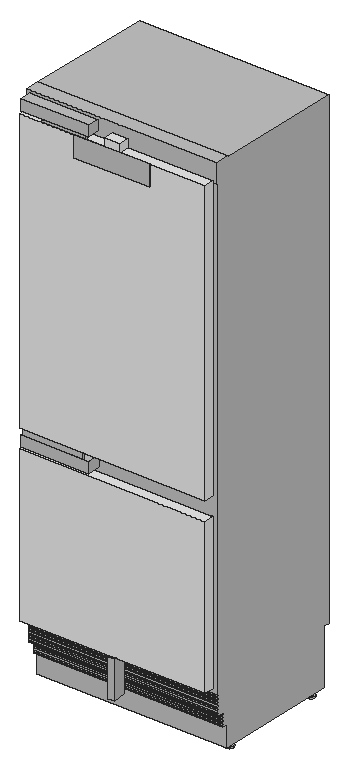
Revit family "FP-Revit18-RS7621WLUK1-FridgeFreezer-0-AS-AU-CN-EU-IE-NZ-SG-UK-90001119A", category Specialty Equipment, Revit 2020
Family settings
  Round Connector Dimension = Use Diameter
  Part Type = Normal
  OmniClass Number = 23.40.40.11.11
  OmniClass Title = Refrigerators and Freezers
  Work Plane-Based = No
  Always vertical = Yes
  Cut with Voids When Loaded = Yes
  Shared = No
  Room Calculation Point = No
Parameters (values of type "RS7621WLUE1")
  Visibility - Visibility Control Note = yes
  Visibility - Clearance Required = yes
  URL = "www.fisherpaykel.com"
  Stainless Steel Door Panels (RD7621WLD) = no
  Product - Width = 756 mm  # constant formula
  Product - Height = 2134 mm  # constant formula
  Product - Depth (exl front panel) = 610 mm  # constant formula
  Model = "RS7621WLUE1"
  Material - Handle = Fisher & Paykel - Aluminium
  Material - Door Structure = Fisher & Paykel - White
  Material - Door Front = Fisher & Paykel - Stainless Steel
  Material - Body = Fisher & Paykel - Grey
  Manufacturer = "Fisher & Paykel Appliances"
  Handle Style - Contemporary Square Fine Black (AHD5RD7621WB) = no
  Handle Style - Contemporary Square Fine (AHD5RD7621W) = no
  Handle Style - Contemporary Square (AHD3RD7621W) = no
  Handle Style - Contemporary Round (AHSRD7621W) = no
  Description = "76cm Integrated Column Freezer with internal Ice & Water"
  Default Elevation = 0 mm
  Connector Description - Water = "1/2 BSP Stainless steel braided hose"
  Connector Description - Electrical = "230 V, 10 amp fused electrical supply"
  Cavity - Width = 762 mm  # constant formula
  Cavity - Height = 2134 mm  # constant formula
  Cavity - Depth = 650 mm  # constant formula
Reference planes
  plane 1 "Datum": y = 0
  plane 2: z = 0
  plane 3 "Center (Left/Right)": x = 0
  plane 4 "Product LHS": x = -378
  plane 5 "Product RHS": x = 378
  plane 6 "Product - Depth": y = 610
  plane 7 "Cavity LHS": x = -381
  plane 8 "Cavity RHS": x = 381
  plane 9 "Cavity - Depth": y = 628
  plane 10 "Handle Offset": x = 315
  plane 11 "Product Height": z = 2134
  plane 12 "Cavity Height": z = 2134
  plane 13 "Door Panel Datum": y = -4.1
Forms (mm)
  Extrusion 1, solid, material "Fisher & Paykel - Grey" <- "Material - Body", detail levels fine
    sketch origin (0, 0, 0) x (0, 1, 0) y (0, 0, 1)
      loop
        line (100.1, 19.1) -> (587.9, 19.1) -> (587.9, 239.7) -> (610, 239.7) -> (610, 2132.3) -> (105.1, 2132.3) -> (105.1, 2134) -> (49.9, 2134) -> (49.9, 2059) -> (56, 2059) -> (56, 228.6) -> (59.5, 228.6) -> (59.5, 219.7) -> (56.5, 219.7) -> (56.5, 215.9) -> (59.5, 215.9) -> (59.5, 207) -> (56.5, 207) -> (56.5, 203.2) -> (59.5, 203.2) -> (59.5, 194.3) -> (56.5, 194.3) -> (56.5, 190.5) -> (59.5, 190.5) -> (59.5, 181.6) -> (56.5, 181.6) -> (56.5, 177.8) -> (59.5, 177.8) -> (59.5, 168.9) -> (56.5, 168.9) -> (56.5, 165.1) -> (59.5, 165.1) -> (59.5, 156.2) -> (56.5, 156.2) -> (56.5, 152.4) -> (84.1, 152.4) -> (84.1, 143.5) -> (81.1, 143.5) -> (81.1, 139.7) -> (84.1, 139.7) -> (84.1, 130.8) -> (81.1, 130.8) -> (81.1, 127) -> (84.1, 127) -> (84.1, 118.1) -> (81.1, 118.1) -> (81.1, 114.3) -> (84.1, 114.3) -> (84.1, 105.4) -> (81.1, 105.4) -> (81.1, 101.6) -> (100.1, 101.6) -> (100.1, 19.1)
    from -378 to 378
  Extrusion 2, solid, material "Fisher & Paykel - Grey" <- "Material - Body"
    sketch origin (0, 0, 0) x (1, 0, 0) y (0, 1, 0)
      loop
        circle (-357.5, 547.8) r 4.1
      loop
        circle (-357.5, 141.8) r 4.1
      loop
        circle (357.5, 547.8) r 4.1
      loop
        circle (357.5, 141.8) r 4.1
    from 3 to 19.1
  Extrusion 3, solid, material "Fisher & Paykel - Grey" <- "Material - Body"
    sketch origin (0, 0, 0) x (1, 0, 0) y (0, 1, 0)
      loop
        circle (-357.5, 547.8) r 14.5
      loop
        circle (-357.5, 141.8) r 14.555
      loop
        circle (357.5, 547.8) r 14.5
      loop
        circle (357.5, 141.8) r 14.555
    from 0 to 3
  Extrusion 4, solid, material "Fisher & Paykel - Grey" <- "Material - Body", detail levels fine
    sketch origin (0, 0, 0) x (1, 0, 0) y (0, 1, 0)
      loop
        line (-7.5, 49) -> (-13.797, -4.1) -> (13.797, -4.1) -> (7.5, 49) -> (-7.5, 49)
    from 104.2 to 253.8
  Extrusion 5, solid, material "Fisher & Paykel - Grey" <- "Material - Body", detail levels fine
    sketch origin (0, 0, 0) x (0, 1, 0) y (0, 0, 1)
      loop
        line (0, 2070.6) -> (0, 1988.6) -> (2, 1988.6) -> (2, 2068.6) -> (4, 2068.6) -> (4, 2070.6) -> (0, 2070.6)
    from -150 to 150
  Extrusion 6, solid, material "Fisher & Paykel - Grey" <- "Material - Body"
    sketch origin (0, 0, 0) x (1, 0, 0) y (0, 0, 1)
      loop
        circle (303, 119.813) r 5
      loop
        circle (-303, 119.813) r 5
    from -590 to -587.9
  Extrusion 7, solid, material "Fisher & Paykel - White" <- "Material - Door Structure"
    sketch origin (0, 0, 0) x (1, 0, 0) y (0, 1, 0)
      loop
        line (-353, 56) -> (-353, 42) -> (353, 42) -> (353, 56) -> (-353, 56)
    from 951.3 to 2030.7
  Extrusion 8, solid, material "Fisher & Paykel - White" <- "Material - Door Structure"
    sketch origin (0, 0, 0) x (1, 0, 0) y (0, 1, 0)
      loop
        line (-369.4, 42) -> (-369.4, 3) -> (369.4, 3) -> (369.4, 42) -> (-369.4, 42)
    from 943.8 to 2068.6
  Extrusion 9, solid, material "Fisher & Paykel - White" <- "Material - Door Structure", detail levels fine
    sketch origin (0, 0, 0) x (1, 0, 0) y (0, 0, 1)
      loop
        line (-29.5, 2100.1) -> (-29.5, 2068.6) -> (29.5, 2068.6) -> (29.5, 2100.1) -> (-29.5, 2100.1)
    from -42 to -3
  Extrusion 10, solid, material "Fisher & Paykel - Stainless Steel" <- "Material - Door Front", visible <- "Stainless Steel Door Panels (RD7621WLD)"
    sketch origin (0, 0, 0) x (0, 1, 0) y (0, 0, 1)
      loop
        line (-22.1, 2130.8) -> (-22.1, 876.3) -> (-4.1, 876.3) -> (-4.1, 2130.8) -> (-22.1, 2130.8)
      loop
        line (-22.1, 102) -> (-4.1, 102) -> (-4.1, 873.1) -> (-22.1, 873.1) -> (-22.1, 102)
    from -378 to 378
  Extrusion 11, solid, material "Fisher & Paykel - Grey" <- "Material - Body", detail levels coarse+medium
    sketch origin (0, 0, 0) x (0, 1, 0) y (0, 0, 1)
      loop
        line (49.9, 2134) -> (49.9, 2059) -> (56, 2059) -> (56, 152.4) -> (81.1, 152.4) -> (81.1, 101.6) -> (100.1, 101.6) -> (100.1, 19.1) -> (587.9, 19.1) -> (587.9, 239.7) -> (610, 239.7) -> (610, 2134) -> (49.9, 2134)
    from -378 to 378
  Extrusion 12, solid, material "Fisher & Paykel - Grey" <- "Material - Body", detail levels fine
    sketch origin (0, 0, 0) x (-1, 0, 0) y (0, 0, -1)
      loop
        line (366.4, -877.25) -> (95.42, -877.25) -> (95.42, -919.35) -> (366.4, -919.35) -> (366.4, -877.25)
    from -56 to -2.5
  Extrusion 13, solid, material "Fisher & Paykel - Grey" <- "Material - Body", detail levels fine
    sketch origin (0, 0, 0) x (-1, 0, 0) y (0, 0, -1)
      loop
        line (366.4, -2123.15) -> (366.4, -2081.05) -> (95.42, -2081.05) -> (95.42, -2123.15) -> (366.4, -2123.15)
    from -49 to -2.5
  Extrusion 14, solid, material "Fisher & Paykel - Grey" <- "Material - Body", detail levels fine
    sketch origin (0, 0, -4) x (0, 1, 0) y (0, 0, 1)
      loop
        arc (163.888, 23.1) -> (180.4, 13.63) -> (196.912, 23.1) r 19.13
        line (196.912, 23.1) -> (163.888, 23.1)
      loop
        arc (493.888, 23.1) -> (510.4, 13.63) -> (526.912, 23.1) r 19.13
        line (526.912, 23.1) -> (493.888, 23.1)
    from 191 to 219
  Extrusion 15, solid, material "Fisher & Paykel - Grey" <- "Material - Body", detail levels fine
    sketch origin (0, 0, -4) x (0, 1, 0) y (0, 0, -1)
      loop
        line (163.888, -23.1) -> (196.912, -23.1)
        arc (196.912, -23.1) -> (180.4, -13.63) -> (163.888, -23.1) r 19.13
      loop
        line (493.888, -23.1) -> (526.912, -23.1)
        arc (526.912, -23.1) -> (510.4, -13.63) -> (493.888, -23.1) r 19.13
    from 191 to 219
  Extrusion 16, solid, material "Fisher & Paykel - Clearance Required", visible <- "Visibility - Clearance Required", detail levels coarse
    sketch origin (0, 0, 0) x (1, 0, 0) y (0, 1, 0)
      loop
        line (-381, 628) -> (-381, -4.1) -> (381, -4.1) -> (381, 628) -> (-381, 628)
    from 0 to 2134
  Extrusion 17, void
    sketch origin (0, 0, 0) x (1, 0, 0) y (0, 1, 0)
      loop
        line (-381, 628) -> (-381, -22.1) -> (381, -22.1) -> (381, 628) -> (-381, 628)
    from 0 to 2134
  Extrusion 18, solid, material "Fisher & Paykel - Grey" <- "Material - Body", detail levels fine
    sketch origin (0, 0, 0) x (-1, 0, 0) y (0, 0, -1)
      loop
        line (118.4, -943.8) -> (359.4, -943.8) -> (359.4, -919.35) -> (118.4, -919.35) -> (118.4, -943.8)
      loop
        line (106, -2081.05) -> (242.9, -2081.05) -> (282.9, -2076.05) -> (282.9, -2068.6) -> (106, -2068.6) -> (106, -2081.05)
    from -7 to -4
  Extrusion 19, solid, material "Fisher & Paykel - White" <- "Material - Door Structure"
    sketch origin (0, 0, 0) x (1, 0, 0) y (0, 1, 0)
      loop
        line (-369.4, 42) -> (-369.4, 3) -> (369.4, 3) -> (369.4, 42) -> (-369.4, 42)
    from 253.8 to 868.15
  Extrusion 20, solid, material "Fisher & Paykel - White" <- "Material - Door Structure"
    sketch origin (0, 0, 0) x (1, 0, 0) y (0, 1, 0)
      loop
        line (-353, 56) -> (-353, 42) -> (353, 42) -> (353, 56) -> (-353, 56)
    from 269.2 to 858.13
  Extrusion 21, solid, material "Fisher & Paykel - Clearance Required", visible <- "Visibility - Clearance Required", detail levels coarse
    sketch origin (0, 0, 0) x (0, 1, 0) y (0, 0, 1)
      loop
        line (-422.1, 873.1) -> (-422.1, 818.896) -> (-482.1, 818.896) -> (-482.1, 781.896) -> (-422.1, 781.896) -> (-422.1, 101.6) -> (-22.1, 101.6) -> (-22.1, 873.1) -> (-422.1, 873.1)
    from -381 to 381
  Extrusion 22, solid, material "Fisher & Paykel - Clearance Required", visible <- "Visibility - Clearance Required", detail levels coarse
    sketch origin (0, -0.697, 0) x (-1, 0, 0) y (0, -1, 0)
      loop
        line (301.5, 21.303) -> (378, 21.303)
        arc (378, 21.303) -> (380.992, 56.277) -> (415.915, 59.819) r 27.5
        line (415.915, 59.819) -> (697.006, 664.598) -> (723.252, 652.4)
        arc (723.252, 652.4) -> (747.815, 661.339) -> (738.875, 685.902) r 18.483
        line (738.875, 685.902) -> (712.602, 698.153) -> (734.604, 745.493)
        arc (734.604, 745.493) -> (-22.015, 691.154) -> (-378, 21.303) r 783.517
        line (-378, 21.303) -> (301.5, 21.303)
    from 876.3 to 2134
Lines and regions (mm)
  model lines, style "Fisher & Paykel"
    curve 1: line (-378, -4.1, 2130.8) -> (378, -4.1, 2130.8)
    curve 2: line (-378, -4.1, 876.3) -> (-378, -4.1, 2130.8)
    curve 3: line (378, -4.1, 876.3) -> (-378, -4.1, 876.3)
    curve 4: line (378, -4.1, 2130.8) -> (378, -4.1, 876.3)
    curve 5: line (378, -4.1, 873.1) -> (-378, -4.1, 873.1)
    curve 6: line (378, -4.1, 102) -> (378, -4.1, 873.1)
    curve 7: line (-378, -4.1, 102) -> (378, -4.1, 102)
    curve 8: line (-378, -4.1, 873.1) -> (-378, -4.1, 102)
Text (mm)
  text "Due to ongoing product development, product details are subject to change without notice. \nPlease always refer to www.fisherpaykel.com for the most current product information. \n© Fisher & Paykel 2020" at (41.04, -878.295, 0), in view "Ref. Level (Plan)"
Dimensions and locks
  equal spacing: plane 4 "Product LHS", plane 3 "Center (Left/Right)", plane 5 "Product RHS"
  "Product - Width": plane 4 "Product LHS" to plane 5 "Product RHS"
  "Product - Depth (exl front panel)": plane 1 "Datum" to plane 6 "Product - Depth"
  equal spacing: plane 7 "Cavity LHS", plane 3 "Center (Left/Right)", plane 8 "Cavity RHS"
  "Cavity - Width": plane 7 "Cavity LHS" to plane 8 "Cavity RHS"
  plane 4 "Product LHS" to Extrusion 2 sketch curve = 24.6 mm
  plane 4 "Product LHS" to plane 10 "Handle Offset" = 693 mm
  Extrusion 6 sketch curve to Extrusion 1 = 119.887 mm  (x2)
  Extrusion 6 sketch curve to plane 5 "Product RHS" = 75 mm
  plane 4 "Product LHS" to Extrusion 6 sketch curve = 75 mm
  Extrusion 1 sketch curve to Extrusion 1 sketch curve = 82.5 mm
  Extrusion 1 sketch curve to Extrusion 1 sketch curve = 209.5 mm
  Extrusion 1 sketch curve to Extrusion 1 sketch curve = 220.6 mm
  Extrusion 3 to level = 3 mm
  Extrusion 11 to Extrusion 8 = 924.7 mm
  Extrusion 11 to Extrusion 7 = 932.2 mm
  Extrusion 11 to Extrusion 11 = 2114.9 mm
  Extrusion 11 to Extrusion 10 = 82.9 mm
  "Product - Height": level to plane 11 "Product Height"
  plane 11 "Product Height" to Extrusion 10 = 3.2 mm
  Extrusion 8 to plane 11 "Product Height" = 65.4 mm
  Extrusion 7 to plane 11 "Product Height" = 103.3 mm
  Extrusion 11 sketch curve to plane 11 "Product Height" = 75 mm
  Extrusion 1 sketch curve to plane 11 "Product Height" = 1.7 mm
  Extrusion 1 sketch curve to plane 11 "Product Height" = 75 mm
  "Cavity - Height": plane 12 "Cavity Height" to level
  plane 1 "Datum" to Extrusion 16 = 628 mm
  plane 1 "Datum" to Extrusion 17 = 628 mm
  Extrusion 18 sketch curve to Extrusion 18 sketch curve = 40 mm
  Extrusion 18 sketch curve to Extrusion 18 sketch curve = 176.9 mm
  plane 3 "Center (Left/Right)" to Extrusion 18 sketch curve = 106 mm
  plane 3 "Center (Left/Right)" to Extrusion 18 sketch curve = 118.4 mm
  Extrusion 17 to level = 2134 mm
  Extrusion 1 to Extrusion 12 sketch curve = 282.58 mm
  Extrusion 1 to Extrusion 13 sketch curve = 282.58 mm
  "Cavity - Depth": Extrusion 17 to Extrusion 22
  Extrusion 22 to plane 1 "Datum" = 22 mm
  radius of Extrusion 6 sketch curve = 5 mm
  aligned and locked: level to plane 2
  aligned and locked: Extrusion 10 to plane 5 "Product RHS"
  aligned and locked: plane 4 "Product LHS" to Extrusion 10
  aligned and locked: Extrusion 11 to plane 5 "Product RHS"
  aligned and locked: Extrusion 11 to plane 4 "Product LHS"
  aligned and locked: Extrusion 11 sketch curve to plane 11 "Product Height"
  aligned and locked: plane 11 "Product Height" to Extrusion 1 sketch curve
  aligned and locked: Extrusion 14 sketch curve to Extrusion 14 sketch curve
  aligned and locked: Extrusion 15 sketch curve to Extrusion 15 sketch curve
  aligned and locked: Extrusion 1 to plane 5 "Product RHS"
  aligned and locked: plane 4 "Product LHS" to Extrusion 1
  aligned and locked: nested 2 to plane 10 "Handle Offset"
  aligned and locked: nested 3 to plane 10 "Handle Offset"
  aligned and locked: nested 4 to plane 10 "Handle Offset"
  aligned and locked: nested 5 to plane 10 "Handle Offset"
Automatic sketch dimensions
  Extrusion 1 sketch curve to plane 6 "Product - Depth" = 0 mm
  Extrusion 1 sketch curve to Extrusion 1 sketch curve = 22.1 mm
  Extrusion 1 sketch curve to plane 1 "Datum" = 105.1 mm
  level to Extrusion 1 sketch curve = 19.1 mm
  Extrusion 1 sketch curve to plane 1 "Datum" = 100.1 mm
  Extrusion 1 sketch curve to Extrusion 1 sketch curve = 16 mm
  Extrusion 1 sketch curve to Extrusion 1 sketch curve = 0 mm  (x8)
  Extrusion 1 sketch curve to Extrusion 1 sketch curve = 3 mm  (x10)
  Extrusion 1 sketch curve to plane 1 "Datum" = 59.5 mm
  Extrusion 1 sketch curve to plane 1 "Datum" = 56 mm
  Extrusion 1 sketch curve to plane 1 "Datum" = 49.9 mm
  Extrusion 1 sketch curve to Extrusion 1 sketch curve = 3.8 mm  (x10)
  Extrusion 1 sketch curve to Extrusion 1 sketch curve = 8.9 mm  (x9)
  Extrusion 2 sketch curve to plane 4 "Product LHS" = 20.5 mm  (x2)
  plane 5 "Product RHS" to Extrusion 2 sketch curve = 20.5 mm  (x2)
  Extrusion 2 sketch curve to plane 1 "Datum" = 141.8 mm  (x2)
  Extrusion 2 sketch curve to plane 6 "Product - Depth" = 62.2 mm  (x2)
  Extrusion 3 sketch curve to plane 4 "Product LHS" = 20.5 mm  (x2)
  plane 5 "Product RHS" to Extrusion 3 sketch curve = 20.5 mm  (x2)
  Extrusion 3 sketch curve to plane 1 "Datum" = 141.8 mm  (x2)
  Extrusion 3 sketch curve to plane 6 "Product - Depth" = 62.2 mm  (x2)
  plane 1 "Datum" to Extrusion 4 sketch curve = 4.1 mm
  Extrusion 4 sketch curve to plane 3 "Center (Left/Right)" = 13.797 mm
  Extrusion 4 sketch curve to plane 3 "Center (Left/Right)" = 7.5 mm
  plane 3 "Center (Left/Right)" to Extrusion 4 sketch curve = 7.5 mm
  plane 3 "Center (Left/Right)" to Extrusion 4 sketch curve = 13.797 mm
  Extrusion 4 sketch curve to plane 1 "Datum" = 49 mm
  Extrusion 5 sketch curve to plane 1 "Datum" = 0 mm
  Extrusion 5 sketch curve to plane 1 "Datum" = 2 mm
  Extrusion 5 sketch curve to Extrusion 5 sketch curve = 2 mm  (x2)
  plane 11 "Product Height" to Extrusion 5 sketch curve = 145.4 mm
  plane 11 "Product Height" to Extrusion 5 sketch curve = 65.4 mm
  Extrusion 7 sketch curve to plane 4 "Product LHS" = 25 mm
  plane 5 "Product RHS" to Extrusion 7 sketch curve = 25 mm
  Extrusion 7 sketch curve to plane 1 "Datum" = 42 mm
  Extrusion 7 sketch curve to Extrusion 7 sketch curve = 14 mm
  Extrusion 8 sketch curve to plane 1 "Datum" = 3 mm
  Extrusion 8 sketch curve to plane 4 "Product LHS" = 8.6 mm
  plane 5 "Product RHS" to Extrusion 8 sketch curve = 8.6 mm
  Extrusion 8 sketch curve to Extrusion 8 sketch curve = 39 mm
  Extrusion 9 sketch curve to plane 3 "Center (Left/Right)" = 29.5 mm
  plane 3 "Center (Left/Right)" to Extrusion 9 sketch curve = 29.5 mm
  plane 11 "Product Height" to Extrusion 9 sketch curve = 65.4 mm
  Extrusion 9 sketch curve to Extrusion 9 sketch curve = 31.5 mm
  Extrusion 11 sketch curve to plane 6 "Product - Depth" = 0 mm
  Extrusion 11 sketch curve to plane 6 "Product - Depth" = 22.1 mm
  Extrusion 11 sketch curve to plane 1 "Datum" = 100.1 mm
  Extrusion 11 sketch curve to Extrusion 11 sketch curve = 19 mm
  Extrusion 11 sketch curve to plane 1 "Datum" = 56 mm
  Extrusion 11 sketch curve to plane 1 "Datum" = 49.9 mm
  level to Extrusion 11 sketch curve = 239.7 mm
  level to Extrusion 11 sketch curve = 152.4 mm
  Extrusion 11 sketch curve to Extrusion 11 sketch curve = 50.8 mm
  level to Extrusion 11 sketch curve = 19.1 mm
  plane 4 "Product LHS" to Extrusion 12 sketch curve = 11.6 mm
  Extrusion 12 sketch curve to level = 877.25 mm
  Extrusion 12 sketch curve to Extrusion 12 sketch curve = 42.1 mm
  plane 4 "Product LHS" to Extrusion 13 sketch curve = 11.6 mm
  Extrusion 13 sketch curve to plane 11 "Product Height" = 52.95 mm
  Extrusion 13 sketch curve to plane 11 "Product Height" = 10.85 mm
  level to Extrusion 14 sketch curve = 19.1 mm
  Extrusion 14 sketch curve to plane 1 "Datum" = 163.888 mm
  Extrusion 14 sketch curve to Extrusion 14 sketch curve = 16.512 mm  (x2)
  Extrusion 14 sketch curve to plane 6 "Product - Depth" = 116.112 mm
  Extrusion 14 sketch curve to Extrusion 14 sketch curve = 9.66 mm  (x2)
  level to Extrusion 15 sketch curve = 19.1 mm
  Extrusion 15 sketch curve to plane 1 "Datum" = 163.888 mm
  Extrusion 15 sketch curve to Extrusion 15 sketch curve = 16.512 mm  (x2)
  Extrusion 15 sketch curve to plane 6 "Product - Depth" = 116.112 mm
  Extrusion 15 sketch curve to Extrusion 15 sketch curve = 9.66 mm  (x2)
  Extrusion 16 sketch curve to plane 7 "Cavity LHS" = 0 mm
  Extrusion 16 sketch curve to plane 8 "Cavity RHS" = 0 mm
  Extrusion 16 sketch curve to plane 9 "Cavity - Depth" = 0 mm
  plane 1 "Datum" to Extrusion 16 sketch curve = 4.1 mm
  Extrusion 17 sketch curve to plane 7 "Cavity LHS" = 0 mm
  Extrusion 17 sketch curve to plane 8 "Cavity RHS" = 0 mm
  plane 9 "Cavity - Depth" to Extrusion 17 sketch curve = 0 mm
  plane 1 "Datum" to Extrusion 17 sketch curve = 22.1 mm
  plane 4 "Product LHS" to Extrusion 18 sketch curve = 18.6 mm
  Extrusion 18 sketch curve to level = 919.35 mm
  Extrusion 18 sketch curve to Extrusion 18 sketch curve = 24.45 mm
  Extrusion 18 sketch curve to plane 11 "Product Height" = 65.4 mm
  Extrusion 18 sketch curve to Extrusion 18 sketch curve = 7.45 mm
  Extrusion 18 sketch curve to Extrusion 18 sketch curve = 5 mm
  Extrusion 19 sketch curve to plane 1 "Datum" = 3 mm
  Extrusion 19 sketch curve to plane 4 "Product LHS" = 8.6 mm
  plane 5 "Product RHS" to Extrusion 19 sketch curve = 8.6 mm
  Extrusion 19 sketch curve to Extrusion 19 sketch curve = 39 mm
  Extrusion 20 sketch curve to plane 4 "Product LHS" = 25 mm
  plane 5 "Product RHS" to Extrusion 20 sketch curve = 25 mm
  Extrusion 20 sketch curve to plane 1 "Datum" = 42 mm
  Extrusion 20 sketch curve to Extrusion 20 sketch curve = 14 mm
  plane 1 "Datum" to Extrusion 21 sketch curve = 482.1 mm
  Extrusion 21 sketch curve to Extrusion 21 sketch curve = 60 mm
  Extrusion 21 sketch curve to Extrusion 21 sketch curve = 0 mm
  plane 1 "Datum" to Extrusion 21 sketch curve = 22.1 mm
  level to Extrusion 21 sketch curve = 101.6 mm
  Extrusion 21 sketch curve to Extrusion 21 sketch curve = 680.296 mm
  Extrusion 21 sketch curve to Extrusion 21 sketch curve = 37 mm
  Extrusion 21 sketch curve to Extrusion 21 sketch curve = 54.204 mm
  Extrusion 22 sketch curve to plane 5 "Product RHS" = 0 mm
  Extrusion 22 sketch curve to plane 1 "Datum" = 22 mm
  plane 4 "Product LHS" to Extrusion 22 sketch curve = 76.5 mm
  plane 4 "Product LHS" to Extrusion 22 sketch curve = 0 mm
  Extrusion 22 sketch curve to plane 7 "Cavity LHS" = 19.59 mm
  Extrusion 22 sketch curve to Extrusion 22 sketch curve = 4.816 mm
  Extrusion 22 sketch curve to Extrusion 22 sketch curve = 10.509 mm
  Extrusion 22 sketch curve to plane 7 "Cavity LHS" = 316.006 mm
  Extrusion 22 sketch curve to Extrusion 22 sketch curve = 15.596 mm
  Extrusion 22 sketch curve to Extrusion 22 sketch curve = 26.246 mm
  Extrusion 22 sketch curve to Extrusion 22 sketch curve = 7.811 mm  (x2)
  Extrusion 22 sketch curve to Extrusion 22 sketch curve = 22.003 mm
  Extrusion 22 sketch curve to Extrusion 22 sketch curve = 13.185 mm
  Extrusion 22 sketch curve to Extrusion 22 sketch curve = 2.497 mm
  Extrusion 22 sketch curve to Extrusion 22 sketch curve = 93.093 mm
  Extrusion 22 sketch curve to Extrusion 22 sketch curve = 16.751 mm
  Extrusion 22 sketch curve to Extrusion 22 sketch curve = 12.251 mm
  plane 11 "Product Height" to Extrusion 10 sketch curve = 3.2 mm
  plane 1 "Datum" to Extrusion 10 sketch curve = 22.1 mm
  plane 1 "Datum" to Extrusion 10 sketch curve = 4.1 mm  (x2)
  level to Extrusion 10 sketch curve = 102 mm
  Extrusion 10 sketch curve to Extrusion 10 sketch curve = 774.3 mm
  Extrusion 10 sketch curve to Extrusion 10 sketch curve = 3.2 mm
  Extrusion 10 sketch curve to Extrusion 10 sketch curve = 18 mm
  plane 5 "Product RHS" to curve 5 = 0 mm
  plane 5 "Product RHS" to curve 1 = 0 mm
  plane 4 "Product LHS" to curve 5 = 0 mm
  plane 4 "Product LHS" to curve 2 = 0 mm
  level to curve 6 = 102 mm
  curve 6 to curve 6 = 771.1 mm
  curve 5 to curve 2 = 3.2 mm
  plane 11 "Product Height" to curve 2 = 3.2 mm
  radius of Extrusion 2 sketch curve = 4.1 mm  (x3)
  radius of Extrusion 3 sketch curve = 14.5 mm  (x2)
  radius of Extrusion 3 sketch curve = 14.555 mm  (x2)
  radius of Extrusion 6 sketch curve = 5 mm
Nested families
  nested 1: "Visibility Control Note 18" at (0, 0, 0), visible <- "Visibility - Visibility Control Note", type "Visibility Control Note 18"
  nested 2: "Handle Contemporary Round - Vertical" at (315, -22.1, 1322.58), visible <- "Handle Style - Contemporary Round (AHSRD7621W)", type "AHSRD7621W - Contemporary round handle (1 of 2) (Vertical) 727mm"
  nested 3: "Handle Contemporary Square - Vertical" at (315, -22.1, 1322.58), visible <- "Handle Style - Contemporary Square (AHD3RD7621W)", type "AHD3RD7621W - Contemporary square handle (1 of 2) (Vertical) 727mm"
  nested 4: "F&P Handle Kit - Contemporary Square Fine - Vertical" at (315, -22.1, 1322.58), visible <- "Handle Style - Contemporary Square Fine Black (AHD5RD7621WB)", type "AHD5RD7621WB - Contemporary square fine black handle (1 of 2) (Vertical) 727mm"
  nested 5: "F&P Handle Kit - Contemporary Square Fine - Vertical" at (315, -22.1, 1322.58), visible <- "Handle Style - Contemporary Square Fine (AHD5RD7621W)", type "AHD5RD7621W - Contemporary square fine handle (1 of 2) (Vertical) 727mm"
  nested 6: "Handle Contemporary Round - Horizontal" at (0, -22.1, 800.364), visible <- "Handle Style - Contemporary Round (AHSRD7621W)", type "AHSRD7621W - Contemporary round handle (2 of 2) (Horizontal) 646mm"
  nested 7: "Handle Contemporary Square - Horizontal" at (0, -22.1, 800.364), visible <- "Handle Style - Contemporary Square (AHD3RD7621W)", type "AHD3RD7621W - Contemporary square handle (2 of 2) (Horizontal) 646mm"
  nested 8: "F&P Handle Kit - Contemporary Square Fine - Horizontal" at (0, -22.1, 800.364), visible <- "Handle Style - Contemporary Square Fine Black (AHD5RD7621WB)", type "AHD5RD7621WB - Contemporary square fine handle black (2 of 2) (Horizontal) 646mm"
  nested 9: "F&P Handle Kit - Contemporary Square Fine - Horizontal" at (0, -22.1, 800.364), visible <- "Handle Style - Contemporary Square Fine (AHD5RD7621W)", type "AHD5RD7621W - Contemporary square fine handle (2 of 2) (Horizontal) 646mm"
Connectors
  electrical at (-303, 590, 119.813), driven by "Connector Description - Electrical"
    settings: on Extrusion 6, index 1, voltage 230 V, apparent load 0 VA, apparent load phase1 0 VA, apparent load phase2 0 VA, apparent load phase3 0 VA, power factor 1, load classification "Other", number of poles 1, system type 30, power factor state 1, is connector primary yes, connector utility no, sub classification motor no, connector description "230 V, 10 amp fused electrical supply"
  piping at (303, 590, 119.813), diameter 12.7, driven by "Connector Description - Water"
    settings: on Extrusion 6, index 2, connector inside diameter 609.6 mm, connector length 0 mm, flow factor 0, pipe flow 0.0 L/s, pressure drop 0.0 Pa, fitting loss kfactor 0, connector angle 0.00°, fixture units 0, engagement length 0 mm, angle of deflection 0.00°, flow configuration 0, flow direction 1, fitting loss method 0, system type 20, joint type 0, gender type 0, connector reference index -1, connector utility 1, adjustable connector no, is connector primary yes, connector description "1/2 BSP Stainless steel braided hose"
Definition of nested family "Handle Contemporary Round - Vertical"
  Parameters (values of type "AHSRD7621W - Contemporary round handle (1 of 2) (Vertical) 727mm")
    URL = "www.fisherpaykel.com"
    Material - Handle = none
    Manufacturer = "Fisher & Paykel Appliances"
    Handle - Length = 727 mm
    Default Elevation = 0 mm
  Types (8, lengths in mm): name | Handle - Length
    AHS-RD21 - Contemporary round handle (Vertical) 852mm | 852
    AHSRD2484W - Contemporary round handle (1 of 2) (Vertical) 727mm | 727
    AHSRD3084W - Contemporary round handle (1 of 2) (Vertical) 727mm | 727
    AHS-RD84 - Contemporary round handle (Vertical) 852mm | 852
    AHSRS3272A - Contemporary round handle (1 of 2) (Vertical) 727mm | 727
    AHSRS80A - Contemporary round handle (1 of 2) (Vertical) 727mm | 727
    AHSRD6121W - Contemporary round handle (1 of 2) (Vertical) 727mm | 727
    AHSRD7621W - Contemporary round handle (1 of 2) (Vertical) 727mm | 727
  Reference planes
    plane 1 "Center (Front/Back)": y = 0
    plane 2: z = 0
    plane 3 "Center (Left/Right)": x = 0
    plane 4 "Top": z = 363.5
    plane 5 "Bottom": z = -363.5
    plane 6 "Top Standoff": z = 243.5
    plane 7 "Bottom Standoff": z = -243.5
  Forms (mm)
    Extrusion 1, solid, material <- "Material - Handle"
      sketch origin (0, 0, 0) x (1, 0, 0) y (0, 1, 0)
        loop
          circle (0, -32.3) r 8.7
      from -243.5 to 243.5
    Extrusion 2, solid, material <- "Material - Handle", detail levels fine
      sketch origin (0, 0, 0) x (1, 0, 0) y (0, 1, 0)
        loop
          line (-8.7, 0) -> (-8.7, -32.3)
          arc (-8.7, -32.3) -> (0, -41) -> (8.7, -32.3) r 8.7
          line (8.7, -32.3) -> (8.7, 0) -> (-8.7, 0)
      from 243.5 to 363.5
    Extrusion 3, solid, material <- "Material - Handle", detail levels fine
      sketch origin (0, 0, 0) x (1, 0, 0) y (0, 1, 0)
        loop
          line (-8.7, 0) -> (-8.7, -32.3)
          arc (-8.7, -32.3) -> (0, -41) -> (8.7, -32.3) r 8.7
          line (8.7, -32.3) -> (8.7, 0) -> (-8.7, 0)
      from -363.5 to -243.5
    Sweep 4, void
      path in 3D
        loop
          line (8.7, 0, -363.5) -> (8.7, -32.3, -363.5)
          arc (8.7, -32.3, -363.5) -> (0, -41, -363.5) -> (-8.7, -32.3, -363.5) r 8.7
          line (-8.7, -32.3, -363.5) -> (-8.7, 0, -363.5)
      profile origin (8.7, -16.15, -363.5) x (-1, 0, 0) y (0, 0, -1)
        loop
          line (0, 0) -> (0, -1) -> (1, 0) -> (0, 0)
    Sweep 5, void
      path in 3D
        loop
          line (-8.7, 0, 363.5) -> (-8.7, -32.3, 363.5)
          arc (-8.7, -32.3, 363.5) -> (0, -41, 363.5) -> (8.7, -32.3, 363.5) r 8.7
          line (8.7, -32.3, 363.5) -> (8.7, 0, 363.5)
      profile origin (8.7, -16.15, 363.5) x (-1, 0, 0) y (0, 0, 1)
        loop
          line (0, 0) -> (0, -1) -> (1, 0) -> (0, 0)
    Extrusion 6, solid, material <- "Material - Handle", detail levels coarse+medium
      sketch origin (0, 0, 0) x (1, 0, 0) y (0, 1, 0)
        loop
          line (-8.7, 0) -> (-8.7, -32.3)
          arc (-8.7, -32.3) -> (0, -41) -> (8.7, -32.3) r 8.7
          line (8.7, -32.3) -> (8.7, 0) -> (-8.7, 0)
      from 243.5 to 363.5
    Extrusion 7, solid, material <- "Material - Handle", detail levels coarse+medium
      sketch origin (0, 0, 0) x (1, 0, 0) y (0, 1, 0)
        loop
          line (-8.7, 0) -> (-8.7, -32.3)
          arc (-8.7, -32.3) -> (0, -41) -> (8.7, -32.3) r 8.7
          line (8.7, -32.3) -> (8.7, 0) -> (-8.7, 0)
      from -363.5 to -243.5
  Cuts and joins
    Sweep 4 cuts Extrusion 3
    Sweep 5 cuts Extrusion 2
  Lines and regions (mm)
    sketch lines
      curve 1: line (8.7, 0, -363.5) -> (8.7, -32.3, -363.5)
      curve 2: arc (-8.7, -32.3, -363.5) -> (0, -41, -363.5) -> (8.7, -32.3, -363.5) r 8.7
      curve 3: line (-8.7, -32.3, -363.5) -> (-8.7, 0, -363.5)
      curve 4: line (8.7, -32.3, 363.5) -> (8.7, 0, 363.5)
      curve 5: arc (8.7, -32.3, 363.5) -> (0, -41, 363.5) -> (-8.7, -32.3, 363.5) r 8.7
      curve 6: line (-8.7, 0, 363.5) -> (-8.7, -32.3, 363.5)
  Dimensions and locks
    equal spacing: plane 4 "Top", level, plane 5 "Bottom"
    "Handle - Length": plane 4 "Top" to plane 5 "Bottom"
    locked: plane 4 "Top" to plane 6 "Top Standoff" at 120
    locked: plane 7 "Bottom Standoff" to plane 5 "Bottom" at 120
    Extrusion 2 sketch curve to Extrusion 2 sketch curve = 17.4 mm
    Extrusion 3 sketch curve to Extrusion 3 sketch curve = 17.4 mm
    Extrusion 6 sketch curve to Extrusion 6 sketch curve = 17.4 mm
    Extrusion 7 sketch curve to Extrusion 7 sketch curve = 17.4 mm
    aligned and locked: level to plane 2
    aligned and locked: plane 4 "Top" to Extrusion 2
    aligned and locked: Extrusion 3 to plane 5 "Bottom"
    aligned and locked: plane 7 "Bottom Standoff" to Extrusion 3
    aligned and locked: Extrusion 1 to plane 7 "Bottom Standoff"
    aligned and locked: plane 6 "Top Standoff" to Extrusion 1
    aligned and locked: Extrusion 2 to Extrusion 1
    aligned and locked: Extrusion 6 to Extrusion 1
    aligned and locked: plane 4 "Top" to Extrusion 6
    aligned and locked: Extrusion 7 to Extrusion 1
    aligned and locked: Extrusion 7 to plane 5 "Bottom"
  Automatic sketch dimensions
    Extrusion 1 sketch curve to plane 3 "Center (Left/Right)" = 0 mm
    plane 1 "Center (Front/Back)" to Extrusion 1 sketch curve = 32.3 mm
    plane 1 "Center (Front/Back)" to Extrusion 2 sketch curve = 0 mm
    Extrusion 2 sketch curve to plane 3 "Center (Left/Right)" = 0 mm
    Extrusion 2 sketch curve to plane 3 "Center (Left/Right)" = 8.7 mm
    plane 1 "Center (Front/Back)" to Extrusion 2 sketch curve = 32.3 mm
    plane 1 "Center (Front/Back)" to Extrusion 3 sketch curve = 0 mm
    Extrusion 3 sketch curve to plane 3 "Center (Left/Right)" = 0 mm
    Extrusion 3 sketch curve to plane 3 "Center (Left/Right)" = 8.7 mm
    plane 1 "Center (Front/Back)" to Extrusion 3 sketch curve = 32.3 mm
    Sweep 4 sketch curve to profile plane = 0 mm  (x2)
    Sweep 4 sketch curve to profile plane = 1 mm  (x2)
    Sweep 5 sketch curve to profile plane = 0 mm  (x2)
    Sweep 5 sketch curve to profile plane = 1 mm  (x2)
    Extrusion 6 sketch curve to plane 3 "Center (Left/Right)" = 0 mm
    Extrusion 6 sketch curve to plane 3 "Center (Left/Right)" = 8.7 mm
    plane 1 "Center (Front/Back)" to Extrusion 6 sketch curve = 32.3 mm
    Extrusion 6 sketch curve to Extrusion 6 sketch curve = 32.3 mm
    Extrusion 7 sketch curve to plane 3 "Center (Left/Right)" = 0 mm
    Extrusion 7 sketch curve to plane 3 "Center (Left/Right)" = 8.7 mm
    plane 1 "Center (Front/Back)" to Extrusion 7 sketch curve = 32.3 mm
    Extrusion 7 sketch curve to Extrusion 7 sketch curve = 32.3 mm
    radius of Extrusion 1 sketch curve = 8.7 mm
Definition of nested family "Handle Contemporary Square - Vertical"
  Parameters (values of type "AHD3RD6121W - Contemporary square handle (1 of 2) (Vertical) 727mm")
    URL = "www.fisherpaykel.com"
    Material - Handle = none
    Manufacturer = "Fisher & Paykel Appliances"
    Handle - Length = 727 mm
    Default Elevation = 0 mm
  Types (9, lengths in mm): name | Handle - Length
    (no name) | 727
    AHD3-RD21 - Contemporary square handle (Vertical) 852mm | 852
    AHD3RD2484W - Contemporary square handle (1 of 2) (Vertical) 727mm | 727
    AHD3RD3084W - Contemporary square handle (1 of 2) (Vertical) 727mm | 727
    AHD3-RD84 - Contemporary square handle (Vertical) 852mm | 852
    AHD3RS3272A - Contemporary square handle (1 of 2) (Vertical) 727mm | 727
    AHD3RS80A - Contemporary square handle (1 of 2) (Vertical) 727mm | 727
    AHD3RD6121W - Contemporary square handle (1 of 2) (Vertical) 727mm | 727
    AHD3RD7621W - Contemporary square handle (1 of 2) (Vertical) 727mm | 727
  Reference planes
    plane 1 "Center (Front/Back)": y = 0
    plane 2: z = 0
    plane 3 "Center (Left/Right)": x = 0
    plane 4 "Top": z = 363.5
    plane 5 "Bottom": z = -363.5
    plane 6 "Top Standoff": z = 243.5
    plane 7 "Bottom Standoff": z = -243.5
  Forms (mm)
    Extrusion 1, solid, material <- "Material - Handle", detail levels fine
      sketch origin (0, 0, 0) x (1, 0, 0) y (0, 1, 0)
        loop
          arc (-7.583, -28.701) -> (-7.89, -29.057) -> (-8, -29.514) r 1
          line (-8, -29.514) -> (-8, -40.5)
          arc (-8, -40.5) -> (-7.561, -41.561) -> (-6.5, -42) r 1.5
          line (-6.5, -42) -> (6.5, -42)
          arc (6.5, -42) -> (7.561, -41.561) -> (8, -40.5) r 1.5
          line (8, -40.5) -> (8, -29.487)
          arc (8, -29.487) -> (7.889, -29.029) -> (7.58, -28.673) r 1
          arc (7.58, -28.673) -> (-0.006, -26.256) -> (-7.583, -28.701) r 13.038
      from -363.5 to 363.5
    Extrusion 2, solid, material <- "Material - Handle", detail levels fine
      sketch origin (0, 0, 0) x (1, 0, 0) y (0, 1, 0)
        loop
          arc (7.058, -28.23) -> (7.466, -28.244) -> (7.674, -27.893) r 0.4
          line (7.674, -27.893) -> (7.674, 0) -> (-7.674, 0) -> (-7.674, -27.86)
          arc (-7.674, -27.86) -> (-7.467, -28.21) -> (-7.06, -28.198) r 0.4
          arc (-7.06, -28.198) -> (0.004, -26.156) -> (7.058, -28.23) r 13.136
      from 243.5 to 363.5
    Extrusion 3, solid, material <- "Material - Handle", detail levels fine
      sketch origin (0, 0, 0) x (1, 0, 0) y (0, 1, 0)
        loop
          arc (7.058, -28.23) -> (7.466, -28.244) -> (7.674, -27.893) r 0.4
          line (7.674, -27.893) -> (7.674, 0) -> (-7.674, 0) -> (-7.674, -27.86)
          arc (-7.674, -27.86) -> (-7.467, -28.21) -> (-7.06, -28.198) r 0.4
          arc (-7.06, -28.198) -> (0.004, -26.156) -> (7.058, -28.23) r 13.136
      from -363.5 to -243.5
    Sweep 4, void
      path in 3D
        loop
          line (-8, -29.514, 363.5) -> (-8, -40.5, 363.5)
          arc (-8, -40.5, 363.5) -> (-7.561, -41.561, 363.5) -> (-6.5, -42, 363.5) r 1.5
          line (-6.5, -42, 363.5) -> (6.5, -42, 363.5)
          arc (6.5, -42, 363.5) -> (7.561, -41.561, 363.5) -> (8, -40.5, 363.5) r 1.5
          line (8, -40.5, 363.5) -> (8, -29.487, 363.5)
      profile origin (8, -34.994, 363.5) x (-1, 0, 0) y (0, 0, 1)
        loop
          line (0, 0) -> (0, -1.3) -> (1.3, 0) -> (0, 0)
    Sweep 5, void
      path in 3D
        loop
          line (8, -29.487, -363.5) -> (8, -40.5, -363.5)
          arc (8, -40.5, -363.5) -> (7.561, -41.561, -363.5) -> (6.5, -42, -363.5) r 1.5
          line (6.5, -42, -363.5) -> (-6.5, -42, -363.5)
          arc (-6.5, -42, -363.5) -> (-7.561, -41.561, -363.5) -> (-8, -40.5, -363.5) r 1.5
          line (-8, -40.5, -363.5) -> (-8, -29.514, -363.5)
      profile origin (8, -34.994, -363.5) x (-1, 0, 0) y (0, 0, -1)
        loop
          line (0, 0) -> (0, -1.3) -> (1.3, 0) -> (0, 0)
    Extrusion 6, void
      sketch origin (0, 0, 0) x (1, 0, 0) y (0, 0, 1)
        loop
          line (-8, -362.2) -> (-8, -363.5) -> (-6.7, -363.5) -> (-8, -362.2)
        loop
          line (8, -362.2) -> (6.7, -363.5) -> (8, -363.5) -> (8, -362.2)
      from 0 to 40
    Extrusion 7, void
      sketch origin (0, 0, 0) x (1, 0, 0) y (0, 0, 1)
        loop
          line (-8, 363.5) -> (-8, 362.2) -> (-6.7, 363.5) -> (-8, 363.5)
        loop
          line (8, 363.5) -> (6.7, 363.5) -> (8, 362.2) -> (8, 363.5)
      from 0 to 40
    Extrusion 8, solid, material <- "Material - Handle", detail levels coarse+medium
      sketch origin (0, 0, 0) x (0, 1, 0) y (0, 0, 1)
        loop
          line (0, 363.5) -> (-42, 363.5) -> (-42, -363.5) -> (0, -363.5) -> (0, -243.5) -> (-26.245, -243.5) -> (-26.245, 243.5) -> (0, 243.5) -> (0, 363.5)
      from -8 to 8
  Cuts and joins
    Sweep 4, Sweep 5, Extrusion 6, Extrusion 7 cuts Extrusion 1
    Extrusion 6 cuts Extrusion 3
    Extrusion 7 cuts Extrusion 2
  Lines and regions (mm)
    sketch lines
      curve 1: line (8, -40.5, 363.5) -> (8, -29.487, 363.5)
      curve 2: arc (8, -40.5, 363.5) -> (7.561, -41.561, 363.5) -> (6.5, -42, 363.5) r 1.5
      curve 3: line (-6.5, -42, 363.5) -> (6.5, -42, 363.5)
      curve 4: arc (-6.5, -42, 363.5) -> (-7.561, -41.561, 363.5) -> (-8, -40.5, 363.5) r 1.5
      curve 5: line (-8, -29.514, 363.5) -> (-8, -40.5, 363.5)
      curve 6: line (8, -29.487, -363.5) -> (8, -40.5, -363.5)
      curve 7: arc (6.5, -42, -363.5) -> (7.561, -41.561, -363.5) -> (8, -40.5, -363.5) r 1.5
      curve 8: line (6.5, -42, -363.5) -> (-6.5, -42, -363.5)
      curve 9: arc (-8, -40.5, -363.5) -> (-7.561, -41.561, -363.5) -> (-6.5, -42, -363.5) r 1.5
      curve 10: line (-8, -40.5, -363.5) -> (-8, -29.514, -363.5)
  Dimensions and locks
    equal spacing: plane 4 "Top", level, plane 5 "Bottom"
    "Handle - Length": plane 4 "Top" to plane 5 "Bottom"
    locked: plane 4 "Top" to plane 6 "Top Standoff" at 120
    locked: plane 7 "Bottom Standoff" to plane 5 "Bottom" at 120
    aligned and locked: level to plane 2
    aligned and locked: plane 4 "Top" to Extrusion 2
    aligned and locked: Extrusion 2 to plane 6 "Top Standoff"
    aligned and locked: plane 4 "Top" to Extrusion 1
    aligned and locked: Extrusion 1 to plane 5 "Bottom"
    aligned and locked: Extrusion 3 to plane 5 "Bottom"
    aligned and locked: plane 7 "Bottom Standoff" to Extrusion 3
    aligned and locked: plane 4 "Top" to Extrusion 8 sketch curve
    aligned and locked: plane 6 "Top Standoff" to Extrusion 8 sketch curve
    aligned and locked: plane 7 "Bottom Standoff" to Extrusion 8 sketch curve
    aligned and locked: plane 5 "Bottom" to Extrusion 8 sketch curve
    aligned and locked: plane 1 "Center (Front/Back)" to Extrusion 8 sketch curve  (x2)
  Automatic sketch dimensions
    Extrusion 1 sketch curve to plane 3 "Center (Left/Right)" = 8 mm
    Extrusion 1 sketch curve to Extrusion 1 sketch curve = 1 mm  (x2)
    Extrusion 1 sketch curve to Extrusion 1 sketch curve = 1.5 mm
    plane 3 "Center (Left/Right)" to Extrusion 1 sketch curve = 0.018 mm
    plane 3 "Center (Left/Right)" to Extrusion 1 sketch curve = 6.5 mm
    plane 3 "Center (Left/Right)" to Extrusion 1 sketch curve = 7 mm
    plane 1 "Center (Front/Back)" to Extrusion 1 sketch curve = 42 mm
    Extrusion 1 sketch curve to Extrusion 1 sketch curve = 1.206 mm
    Extrusion 1 sketch curve to Extrusion 1 sketch curve = 10.986 mm
    Extrusion 1 sketch curve to Extrusion 1 sketch curve = 11.013 mm
    Extrusion 1 sketch curve to Extrusion 1 sketch curve = 0 mm
    plane 1 "Center (Front/Back)" to Extrusion 2 sketch curve = 0 mm
    Extrusion 2 sketch curve to plane 3 "Center (Left/Right)" = 7.674 mm
    Extrusion 2 sketch curve to Extrusion 2 sketch curve = 0.4 mm  (x2)
    Extrusion 2 sketch curve to plane 3 "Center (Left/Right)" = 0.026 mm
    plane 3 "Center (Left/Right)" to Extrusion 2 sketch curve = 7.274 mm
    plane 1 "Center (Front/Back)" to Extrusion 2 sketch curve = 27.86 mm
    Extrusion 2 sketch curve to Extrusion 2 sketch curve = 0.033 mm
    Extrusion 2 sketch curve to Extrusion 2 sketch curve = 11.398 mm
    Extrusion 2 sketch curve to Extrusion 2 sketch curve = 0 mm
    plane 1 "Center (Front/Back)" to Extrusion 3 sketch curve = 0 mm
    Extrusion 3 sketch curve to Extrusion 3 sketch curve = 0.4 mm  (x2)
    Extrusion 3 sketch curve to Extrusion 3 sketch curve = 7.248 mm
    Extrusion 3 sketch curve to Extrusion 3 sketch curve = 7.3 mm
    plane 1 "Center (Front/Back)" to Extrusion 3 sketch curve = 27.86 mm
    Extrusion 3 sketch curve to Extrusion 3 sketch curve = 0.033 mm
    Extrusion 3 sketch curve to Extrusion 3 sketch curve = 11.398 mm
    Extrusion 3 sketch curve to Extrusion 3 sketch curve = 0 mm
    Sweep 4 sketch curve to profile plane = 0 mm  (x2)
    Sweep 4 sketch curve to profile plane = 1.3 mm  (x2)
    Sweep 5 sketch curve to profile plane = 0 mm  (x2)
    Sweep 5 sketch curve to profile plane = 1.3 mm  (x2)
    Extrusion 6 sketch curve to plane 5 "Bottom" = 0 mm  (x2)
    plane 5 "Bottom" to Extrusion 6 sketch curve = 1.3 mm  (x2)
    Extrusion 6 sketch curve to plane 3 "Center (Left/Right)" = 8 mm
    Extrusion 6 sketch curve to Extrusion 6 sketch curve = 1.3 mm  (x2)
    plane 3 "Center (Left/Right)" to Extrusion 6 sketch curve = 8 mm
    Extrusion 7 sketch curve to plane 4 "Top" = 0 mm  (x2)
    Extrusion 7 sketch curve to plane 3 "Center (Left/Right)" = 8 mm
    Extrusion 7 sketch curve to Extrusion 7 sketch curve = 1.3 mm  (x2)
    plane 3 "Center (Left/Right)" to Extrusion 7 sketch curve = 8 mm
    Extrusion 7 sketch curve to plane 4 "Top" = 1.3 mm  (x2)
    plane 1 "Center (Front/Back)" to Extrusion 8 sketch curve = 26.245 mm
    plane 1 "Center (Front/Back)" to Extrusion 8 sketch curve = 42 mm
    Extrusion 3 sketch curve to plane 3 "Center (Left/Right)" = 7.674 mm
Definition of nested family "F&P Handle Kit - Contemporary Square Fine - Vertical"
  Parameters (values of type "AHD5RD90AB - Contemporary square fine black handle (1 of 2) (Vertical) 727mm")
    URL = "www.fisherpaykel.com"
    Material - Handle = none
    Manufacturer = "Fisher & Paykel Appliances"
    Handle - Length = 727 mm
    Default Elevation = 0 mm
  Types (14): name
    AHD5RD2484W - Contemporary square fine handle (1 of 2) (Vertical) 727mm
    AHD5RD2484WB - Contemporary square fine black handle (1 of 2) (Vertical) 727mm
    AHD5RD3084W - Contemporary square fine handle (1 of 2) (Vertical) 727mm
    AHD5RD3084WB - Contemporary square fine black handle (1 of 2) (Vertical) 727mm
    AHD5RD6121W - Contemporary square fine handle (1 of 2) (Vertical) 727mm
    AHD5RD6121WB - Contemporary square fine black handle (1 of 2) (Vertical) 727mm
    AHD5RD7621W - Contemporary square fine handle (1 of 2) (Vertical) 727mm
    AHD5RD7621WB - Contemporary square fine black handle (1 of 2) (Vertical) 727mm
    AHD5RD36A - Contemporary square fine handle (1 of 2) (Vertical) 727mm
    AHD5RD36AB - Contemporary square fine black handle (1 of 2) (Vertical) 727mm
    AHD5RD80A - Contemporary square fine handle (1 of 2) (Vertical) 727mm
    AHD5RD90A - Contemporary square fine handle (1 of 2) (Vertical) 727mm
    AHD5RD80AB - Contemporary square fine black handle (1 of 2) (Vertical) 727mm
    AHD5RD90AB - Contemporary square fine black handle (1 of 2) (Vertical) 727mm
  Reference planes
    plane 1 "Center (Front/Back)": y = 0
    plane 2: z = 0
    plane 3 "Center (Left/Right)": x = 0
    plane 4 "Top": z = 363.5
    plane 5 "Bottom": z = -363.5
    plane 6 "Top Standoff": z = 243.5
    plane 7 "Bottom Standoff": z = -243.5
  Forms (mm)
    Extrusion 1, solid, material <- "Material - Handle", detail levels fine
      sketch origin (0, 0, 0) x (1, 0, 0) y (0, 1, 0)
        loop
          arc (-6.16, -26.813) -> (-6.554, -27.196) -> (-6.686, -27.728) r 1
          line (-6.686, -27.728) -> (-6.256, -40.035)
          arc (-6.256, -40.035) -> (-5.951, -40.719) -> (-5.257, -41) r 1
          line (-5.257, -41) -> (5.257, -41)
          arc (5.257, -41) -> (5.951, -40.719) -> (6.256, -40.035) r 1
          line (6.256, -40.035) -> (6.686, -27.709)
          arc (6.686, -27.709) -> (6.554, -27.175) -> (6.158, -26.792) r 1
          arc (6.158, -26.792) -> (-0.004, -25.256) -> (-6.16, -26.813) r 13.038
      from -363.5 to 363.5
    Extrusion 2, solid, material <- "Material - Handle", detail levels fine
      sketch origin (0, 0, 0) x (1, 0, 0) y (0, 1, 0)
        loop
          arc (6.012, -26.626) -> (6.494, -26.614) -> (6.741, -26.2) r 0.5
          line (6.741, -26.2) -> (7.7, 0) -> (-7.7, 0) -> (-6.742, -26.174)
          arc (-6.742, -26.174) -> (-6.496, -26.587) -> (-6.015, -26.6) r 0.5
          arc (-6.015, -26.6) -> (0.002, -25.156) -> (6.012, -26.626) r 13.136
      from 243.5 to 363.5
    Extrusion 3, solid, material <- "Material - Handle", detail levels coarse+medium
      sketch origin (0, 0, 0) x (0, 1, 0) y (0, 0, 1)
        loop
          line (0, 363.5) -> (-42, 363.5) -> (-42, -363.5) -> (0, -363.5) -> (0, -243.5) -> (-26.245, -243.5) -> (-26.245, 243.5) -> (0, 243.5) -> (0, 363.5)
      from -8 to 8
    Extrusion 4, solid, material <- "Material - Handle", detail levels fine
      sketch origin (0, 0, 0) x (1, 0, 0) y (0, 1, 0)
        loop
          arc (6.012, -26.626) -> (6.494, -26.614) -> (6.741, -26.2) r 0.5
          line (6.741, -26.2) -> (7.7, 0) -> (-7.7, 0) -> (-6.742, -26.174)
          arc (-6.742, -26.174) -> (-6.496, -26.587) -> (-6.015, -26.6) r 0.5
          arc (-6.015, -26.6) -> (0.002, -25.156) -> (6.012, -26.626) r 13.136
      from -363.5 to -243.5
  Dimensions and locks
    equal spacing: plane 4 "Top", level, plane 5 "Bottom"
    "Handle - Length": plane 4 "Top" to plane 5 "Bottom"
    locked: plane 4 "Top" to plane 6 "Top Standoff" at 120
    locked: plane 7 "Bottom Standoff" to plane 5 "Bottom" at 120
    aligned and locked: level to plane 2
    aligned and locked: plane 4 "Top" to Extrusion 2
    aligned and locked: Extrusion 2 to plane 6 "Top Standoff"
    aligned and locked: plane 4 "Top" to Extrusion 1
    aligned and locked: Extrusion 1 to plane 5 "Bottom"
    aligned and locked: plane 4 "Top" to Extrusion 3 sketch curve
    aligned and locked: plane 6 "Top Standoff" to Extrusion 3 sketch curve
    aligned and locked: plane 7 "Bottom Standoff" to Extrusion 3 sketch curve
    aligned and locked: plane 5 "Bottom" to Extrusion 3 sketch curve
    aligned and locked: Extrusion 4 to plane 5 "Bottom"
    aligned and locked: plane 7 "Bottom Standoff" to Extrusion 4
  Automatic sketch dimensions
    Extrusion 1 sketch curve to plane 3 "Center (Left/Right)" = 6.686 mm
    Extrusion 1 sketch curve to plane 3 "Center (Left/Right)" = 6.256 mm
    Extrusion 1 sketch curve to Extrusion 1 sketch curve = 0.999 mm  (x4)
    plane 3 "Center (Left/Right)" to Extrusion 1 sketch curve = 0.018 mm
    plane 3 "Center (Left/Right)" to Extrusion 1 sketch curve = 5.257 mm
    plane 3 "Center (Left/Right)" to Extrusion 1 sketch curve = 5.687 mm
    plane 1 "Center (Front/Back)" to Extrusion 1 sketch curve = 41 mm
    Extrusion 1 sketch curve to Extrusion 1 sketch curve = 0.965 mm  (x2)
    Extrusion 1 sketch curve to Extrusion 1 sketch curve = 1.706 mm
    Extrusion 1 sketch curve to Extrusion 1 sketch curve = 12.307 mm
    Extrusion 1 sketch curve to Extrusion 1 sketch curve = 12.326 mm
    Extrusion 1 sketch curve to Extrusion 1 sketch curve = 0.035 mm  (x2)
    Extrusion 1 sketch curve to Extrusion 1 sketch curve = 0 mm
    plane 1 "Center (Front/Back)" to Extrusion 2 sketch curve = 0 mm
    Extrusion 2 sketch curve to plane 3 "Center (Left/Right)" = 7.7 mm
    Extrusion 2 sketch curve to plane 3 "Center (Left/Right)" = 6.742 mm
    Extrusion 2 sketch curve to Extrusion 2 sketch curve = 0.5 mm  (x2)
    Extrusion 2 sketch curve to plane 3 "Center (Left/Right)" = 0.026 mm
    plane 3 "Center (Left/Right)" to Extrusion 2 sketch curve = 6.242 mm
    plane 3 "Center (Left/Right)" to Extrusion 2 sketch curve = 7.7 mm
    plane 1 "Center (Front/Back)" to Extrusion 2 sketch curve = 26.155 mm
    Extrusion 2 sketch curve to Extrusion 2 sketch curve = 0.018 mm  (x2)
    Extrusion 2 sketch curve to Extrusion 2 sketch curve = 0.026 mm
    Extrusion 2 sketch curve to Extrusion 2 sketch curve = 12.11 mm
    Extrusion 2 sketch curve to Extrusion 2 sketch curve = 0 mm
    plane 1 "Center (Front/Back)" to Extrusion 3 sketch curve = 42 mm
    Extrusion 3 sketch curve to Extrusion 3 sketch curve = 15.755 mm
    Extrusion 3 sketch curve to Extrusion 3 sketch curve = 42 mm  (x2)
    Extrusion 4 sketch curve to plane 3 "Center (Left/Right)" = 7.7 mm
    Extrusion 4 sketch curve to plane 3 "Center (Left/Right)" = 6.742 mm
    Extrusion 4 sketch curve to Extrusion 4 sketch curve = 0.5 mm  (x2)
    Extrusion 4 sketch curve to plane 3 "Center (Left/Right)" = 0.026 mm
    plane 3 "Center (Left/Right)" to Extrusion 4 sketch curve = 6.242 mm
    plane 3 "Center (Left/Right)" to Extrusion 4 sketch curve = 7.7 mm
    plane 1 "Center (Front/Back)" to Extrusion 4 sketch curve = 38.291 mm
    Extrusion 4 sketch curve to Extrusion 4 sketch curve = 12.091 mm
    Extrusion 4 sketch curve to Extrusion 4 sketch curve = 0.018 mm  (x2)
    Extrusion 4 sketch curve to Extrusion 4 sketch curve = 0.452 mm
    Extrusion 4 sketch curve to Extrusion 4 sketch curve = 26.174 mm
    Extrusion 4 sketch curve to Extrusion 4 sketch curve = 0 mm
Definition of nested family "Handle Contemporary Round - Horizontal"
  Parameters (values of type "AHSRD6121W - Contemporary round handle (2 of 2) (Horizontal) 494mm")
    URL = "www.fisherpaykel.com"
    Product - Width = 494 mm
    Material - Handle = none
    Manufacturer = "Fisher & Paykel Appliances"
    Default Elevation = 0 mm
  Types (7, lengths in mm): name | Product - Width
    (no name) | 494
    AHSRD2484W - Contemporary round handle (2 of 2) (Horizontal) 494mm | 494
    AHSRD3084W - Contemporary round handle (2 of 2) (Horizontal) 646mm | 646
    AHSRS3272A - Contemporary round handle (2 of 2) (Horizontal) 646mm | 646
    AHSRS80A - Contemporary round handle (2 of 2) (Horizontal) 646mm | 646
    AHSRD6121W - Contemporary round handle (2 of 2) (Horizontal) 494mm | 494
    AHSRD7621W - Contemporary round handle (2 of 2) (Horizontal) 646mm | 646
  Reference planes
    plane 1 "Center (Front/Back)": y = 0
    plane 2: z = 0
    plane 3 "Center (Left/Right)": x = 0
    plane 4 "Product LHS": x = -247
    plane 5 "Product RHS": x = 247
    plane 6 "LHS Standoff": x = -126.995
    plane 7 "RHS Standoff": x = 127.005
  Forms (mm)
    Extrusion 1, solid, material <- "Material - Handle"
      sketch origin (0, 0, 0) x (0, 1, 0) y (0, 0, 1)
        loop
          circle (-32.3, 0) r 8.7
      from -126.995 to 127.005
    Extrusion 2, solid, material <- "Material - Handle", detail levels fine
      sketch origin (0, 0, 0) x (0, 1, 0) y (0, 0, 1)
        loop
          line (0, 8.7) -> (-32.3, 8.7)
          arc (-32.3, 8.7) -> (-41, 0) -> (-32.3, -8.7) r 8.7
          line (-32.3, -8.7) -> (0, -8.7) -> (0, 8.7)
      from 127.005 to 247
    Extrusion 3, solid, material <- "Material - Handle", detail levels fine
      sketch origin (0, 0, 0) x (0, 1, 0) y (0, 0, -1)
        loop
          line (0, -8.7) -> (0, 8.7) -> (-32.3, 8.7)
          arc (-32.3, 8.7) -> (-41, 0) -> (-32.3, -8.7) r 8.7
          line (-32.3, -8.7) -> (0, -8.7)
      from 126.995 to 247
    Sweep 4, void
      path in 3D
        loop
          line (247, 0, 8.7) -> (247, -32.3, 8.7)
          arc (247, -32.3, 8.7) -> (247, -41, 0) -> (247, -32.3, -8.7) r 8.7
          line (247, -32.3, -8.7) -> (247, 0, -8.7)
      profile origin (247, -16.15, 8.7) x (1, 0, 0) y (0, 0, 1)
        loop
          line (0, 0) -> (-1, 0) -> (0, -1) -> (0, 0)
    Sweep 5, void
      path in 3D
        loop
          line (-247, 0, -8.7) -> (-247, -32.3, -8.7)
          arc (-247, -32.3, -8.7) -> (-247, -41, 0) -> (-247, -32.3, 8.7) r 8.7
          line (-247, -32.3, 8.7) -> (-247, 0, 8.7)
      profile origin (-247, -16.15, 8.7) x (-1, 0, 0) y (0, 0, 1)
        loop
          line (0, 0) -> (-1, 0) -> (0, -1) -> (0, 0)
    Extrusion 6, solid, material <- "Material - Handle", detail levels coarse+medium
      sketch origin (0, 0, 0) x (0, 1, 0) y (0, 0, 1)
        loop
          line (0, 8.7) -> (-32.3, 8.7)
          arc (-32.3, 8.7) -> (-41, 0) -> (-32.3, -8.7) r 8.7
          line (-32.3, -8.7) -> (0, -8.7) -> (0, 8.7)
      from 127.005 to 247
    Extrusion 7, solid, material <- "Material - Handle", detail levels coarse+medium
      sketch origin (0, 0, 0) x (0, 1, 0) y (0, 0, -1)
        loop
          line (0, -8.7) -> (0, 8.7) -> (-32.3, 8.7)
          arc (-32.3, 8.7) -> (-41, 0) -> (-32.3, -8.7) r 8.7
          line (-32.3, -8.7) -> (0, -8.7)
      from 126.995 to 247
  Cuts and joins
    Sweep 4 cuts Extrusion 2
    Sweep 5 cuts Extrusion 3
  Lines and regions (mm)
    sketch lines
      curve 1: line (247, 0, 8.7) -> (247, -32.3, 8.7)
      curve 2: arc (247, -32.3, -8.7) -> (247, -41, 0) -> (247, -32.3, 8.7) r 8.7
      curve 3: line (247, -32.3, -8.7) -> (247, 0, -8.7)
      curve 4: line (-247, -32.3, 8.7) -> (-247, 0, 8.7)
      curve 5: arc (-247, -32.3, 8.7) -> (-247, -41, 0) -> (-247, -32.3, -8.7) r 8.7
      curve 6: line (-247, 0, -8.7) -> (-247, -32.3, -8.7)
  Dimensions and locks
    equal spacing: plane 4 "Product LHS", plane 3 "Center (Left/Right)", plane 5 "Product RHS"
    "Product - Width": plane 4 "Product LHS" to plane 5 "Product RHS"
    locked: plane 4 "Product LHS" to plane 6 "LHS Standoff" at 120.005
    locked: plane 7 "RHS Standoff" to plane 5 "Product RHS" at 119.995
    equal spacing: Extrusion 2 sketch curve, level, Extrusion 2 sketch curve
    Extrusion 3 sketch curve to Extrusion 3 sketch curve = 17.4 mm
    Extrusion 6 sketch curve to Extrusion 6 sketch curve = 17.4 mm
    Extrusion 7 sketch curve to Extrusion 7 sketch curve = 17.4 mm
    aligned and locked: level to plane 2
    aligned and locked: plane 7 "RHS Standoff" to Extrusion 1
    aligned and locked: Extrusion 2 to Extrusion 1
    aligned and locked: Extrusion 2 to plane 5 "Product RHS"
    aligned and locked: plane 4 "Product LHS" to Extrusion 3
    aligned and locked: plane 6 "LHS Standoff" to Extrusion 3
    aligned and locked: Extrusion 1 to plane 6 "LHS Standoff"
    aligned and locked: Extrusion 6 to Extrusion 1
    aligned and locked: Extrusion 6 to plane 5 "Product RHS"
    aligned and locked: plane 4 "Product LHS" to Extrusion 7
    aligned and locked: Extrusion 7 to Extrusion 1
  Automatic sketch dimensions
    Extrusion 1 sketch curve to level = 0 mm
    plane 1 "Center (Front/Back)" to Extrusion 1 sketch curve = 32.3 mm
    Extrusion 2 sketch curve to plane 1 "Center (Front/Back)" = 0 mm
    Extrusion 2 sketch curve to level = 8.7 mm
    plane 1 "Center (Front/Back)" to Extrusion 2 sketch curve = 32.3 mm
    Extrusion 3 sketch curve to level = 0 mm
    Extrusion 3 sketch curve to plane 1 "Center (Front/Back)" = 0 mm
    Extrusion 3 sketch curve to level = 8.7 mm
    plane 1 "Center (Front/Back)" to Extrusion 3 sketch curve = 32.3 mm
    Sweep 4 sketch curve to profile plane = 0 mm
    profile plane to Sweep 4 sketch curve = 0 mm
    profile plane to Sweep 4 sketch curve = 1 mm
    Sweep 4 sketch curve to profile plane = 1 mm
    Sweep 5 sketch curve to profile plane = 0 mm  (x2)
    profile plane to Sweep 5 sketch curve = 1 mm
    Sweep 5 sketch curve to profile plane = 1 mm
    Extrusion 6 sketch curve to level = 0 mm
    level to Extrusion 6 sketch curve = 8.7 mm
    plane 1 "Center (Front/Back)" to Extrusion 6 sketch curve = 32.3 mm
    Extrusion 6 sketch curve to Extrusion 6 sketch curve = 32.3 mm
    Extrusion 7 sketch curve to level = 0 mm
    level to Extrusion 7 sketch curve = 8.7 mm
    plane 1 "Center (Front/Back)" to Extrusion 7 sketch curve = 32.3 mm
    Extrusion 7 sketch curve to Extrusion 7 sketch curve = 32.3 mm
    radius of Extrusion 1 sketch curve = 8.7 mm
Definition of nested family "Handle Contemporary Square - Horizontal"
  Parameters (values of type "AHD3RD7621W - Contemporary square handle (2 of 2) (Horizontal) 646mm")
    URL = "www.fisherpaykel.com"
    Material - Handle = none
